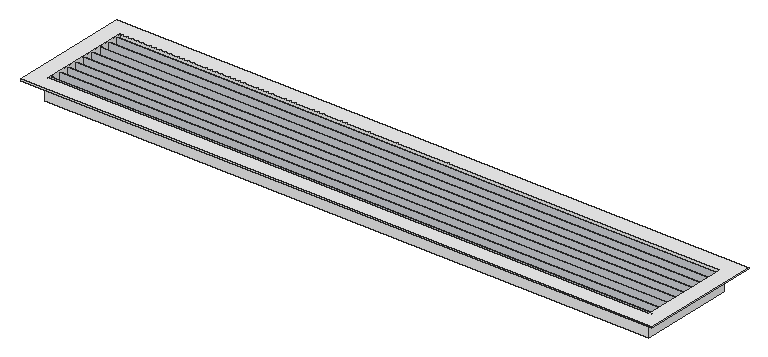
Revit family "DC_Holyoake_MEQ_LD-1200_13", category Air Terminals, host Face, Revit 2013
Parameters (values of type "LD-1200")
  Width LD [instance] = 150.0 mm
  URL = "http://www.holyoake.com"
  Type Comments = "Fineline Diffuser Series LD linear bar grilles"  # constant formula
  Static Pressure Min = 3.00 Pa
  Static Pressure Max = 57.00 Pa
  Noise Level NC Min = "< 10 NC"
  Noise Level NC Max = "38 NC"
  Model = "LD-1200"  # constant formula
  Min Flow = 30 L/s
  Max Flow = 1200 L/s
  Material Face = Holyoake-Aluminium
  Material Body = Holyoake-Aluminium
  Manufacturer = "Holyoake"  # constant formula
  Length LD [instance] = 1000.0 mm
  Holyoake Product Range = "Holyoake Fineline Diffusers"  # constant formula
  Description = "Linear Bar Diffuser shall be Holyoake Model LD-1200. Linear Bar Diffuser shall be 0 degrees deflection, constructed of extruded aluminium construction to the sizes as documented and supplied. Diffusers shall be finished in powdercoat and fitted with accessories and dampers where indicated as manufactured by Holyoake. "  # constant formula
  Default Elevation = 0.0 mm
  Array Number [instance] = ((Width LD - 25.0 mm) / 12.5 mm) - 0.9  # 9
Reference planes
  plane 1 "Center (Front/Back)": y = 0
  plane 2: z = 0
  plane 3 "Center (Left/Right)": x = 0
  plane 4: x = -500
  plane 5: x = 500
  plane 6: y = 75
  plane 7: y = -75
Forms (mm)
  Sweep 1, solid, material "Holyoake-Aluminium" <- "Material Body"
    path origin (0, 0, 0) x (1, 0, 0) y (0, 1, 0)
      loop
        line (-500, 75) -> (-500, -75) -> (500, -75) -> (500, 75) -> (-500, 75)
    profile origin (0, 75, 0) x (0, 1, 0) y (0, 0, 1)
      loop
        line (2, 0) -> (25, 0) -> (25, 2) -> (0, 2) -> (0, -32) -> (2, -32) -> (2, 0)
  Extrusion 2, void
    sketch origin (0, 0, 0) x (1, 0, 0) y (0, 1, 0)
      loop
        line (-500, 75) -> (-500, -75) -> (500, -75) -> (500, 75) -> (-500, 75)
    from 0 to -1000
Cuts and joins
  Extrusion 2 cuts Sweep 1
Lines and regions (mm)
  reference lines
    curve 1: line (-590.798, 68.65, 0) -> (-485.798, 68.65, 0)
    curve 2: line (-590.798, -68.65, 0) -> (-490.798, -68.65, 0)
Dimensions and locks
  equal spacing: plane 6, plane 1 "Center (Front/Back)", plane 7
  "Width LD": plane 6 to plane 7
  "Length LD": plane 4 to plane 5
  equal spacing: plane 4, plane 3 "Center (Left/Right)", plane 5
  locked: plane 6 to curve 1 at 6.35
  locked: curve 2 to plane 7 at 6.35
  equal spacing: group 1, group 3, group 4, group 5, group 6, group 7, group 8, group 9, group 2  (x2)
  equal spacing: group 2, group 9, group 8, group 7, group 6, group 5, group 4, group 3, group 1
  aligned and locked: plane 2 to host face
  aligned and locked: level to host face
  aligned and locked: plane 4 to Sweep 1 sketch curve
  aligned and locked: Sweep 1 sketch curve to plane 6
  aligned and locked: plane 7 to Sweep 1 sketch curve
  aligned and locked: Sweep 1 sketch curve to plane 5
  aligned and locked: plane 4 to nested 1
  aligned and locked: plane 4 to Sweep 1
  aligned and locked: nested 1 to curve 1
  aligned and locked: Sweep 1 to level
  aligned and locked: curve 2 to nested 2
  aligned and locked: plane 4 to nested 2
  aligned and locked: Extrusion 2 sketch curve to Sweep 1  (x3)
  aligned and locked: Sweep 1 to Extrusion 2 sketch curve
Automatic sketch dimensions
  Sweep 1 sketch curve to level = 0.0 mm
  Sweep 1 sketch curve to profile plane = 0.0 mm
  Sweep 1 sketch curve to Sweep 1 sketch curve = 2.0 mm
  Sweep 1 sketch curve to Sweep 1 sketch curve = 23.0 mm
  Sweep 1 sketch curve to Sweep 1 sketch curve = 32.0 mm
  level to Sweep 1 sketch curve = 2.0 mm
  host sketch curve to host sketch curve = 1394.524 mm
  host sketch curve to host sketch curve = 530.678 mm
  curve 2 to plane 4 = 90.798 mm
  curve 1 to curve 2 = 0.0 mm
  plane 4 to curve 2 = 9.202 mm
  plane 4 to curve 1 = 14.202 mm
Nested families
  nested 1: "LD Blade" at (-500, 67.15, 0), Blade Length <- "Length LD", type "LD Blade"
    with Blade Length 1000.0 mm
  nested 2: "LD Blade" at (-500, -68.65, 0), Blade Length <- "Length LD", type "LD Blade"
    with Blade Length 1000.0 mm
  nested 3: "LD Blade" at (-500, 50.175, 0), Blade Length <- "Length LD", type "LD Blade"
    with Blade Length 1000.0 mm
  nested 4: "LD Blade" at (-500, 33.2, 0), Blade Length <- "Length LD", type "LD Blade"
    with Blade Length 1000.0 mm
  nested 5: "LD Blade" at (-500, 16.225, 0), Blade Length <- "Length LD", type "LD Blade"
    with Blade Length 1000.0 mm
  nested 6: "LD Blade" at (-500, -0.75, 0), Blade Length <- "Length LD", type "LD Blade"
    with Blade Length 1000.0 mm
  nested 7: "LD Blade" at (-500, -17.725, 0), Blade Length <- "Length LD", type "LD Blade"
    with Blade Length 1000.0 mm
  nested 8: "LD Blade" at (-500, -34.7, 0), Blade Length <- "Length LD", type "LD Blade"
    with Blade Length 1000.0 mm
  nested 9: "LD Blade" at (-500, -51.675, 0), Blade Length <- "Length LD", type "LD Blade"
    with Blade Length 1000.0 mm
Definition of nested family "LD Blade"
  Parameters (values of type "LD Blade")
    Blade Material = none
    Blade Length [instance] = 600.0 mm
    Assembly Code = ""
  Reference planes
    plane 1 "Center (Front/Back)": y = 0
    plane 2: z = 0
    plane 3 "Center (Left/Right)": x = 0
    plane 4: x = 600
  Forms (mm)
    Extrusion 1, solid
      sketch origin (0, -1.042, 0) x (1, 0, 0) y (0, 1, 0)
        loop
          line (0, 1.042) -> (600, 1.042) -> (600, 2.542) -> (0, 2.542) -> (0, 1.042)
      from 0 to -20
  Dimensions and locks
    Extrusion 1 sketch curve to Extrusion 1 sketch curve = 1.5 mm
    "Blade Length": plane 3 "Center (Left/Right)" to plane 4
    locked: plane 1 "Center (Front/Back)" to Extrusion 1 at 1.5
    aligned and locked: plane 1 "Center (Front/Back)" to Extrusion 1
    aligned and locked: Extrusion 1 to plane 3 "Center (Left/Right)"
    aligned and locked: plane 4 to Extrusion 1
  Automatic sketch dimensions
    Extrusion 1 sketch curve to plane 1 "Center (Front/Back)" = 1.5 mm
    Extrusion 1 sketch curve to plane 3 "Center (Left/Right)" = 0.0 mm
    plane 4 to Extrusion 1 sketch curve = 0.0 mm
